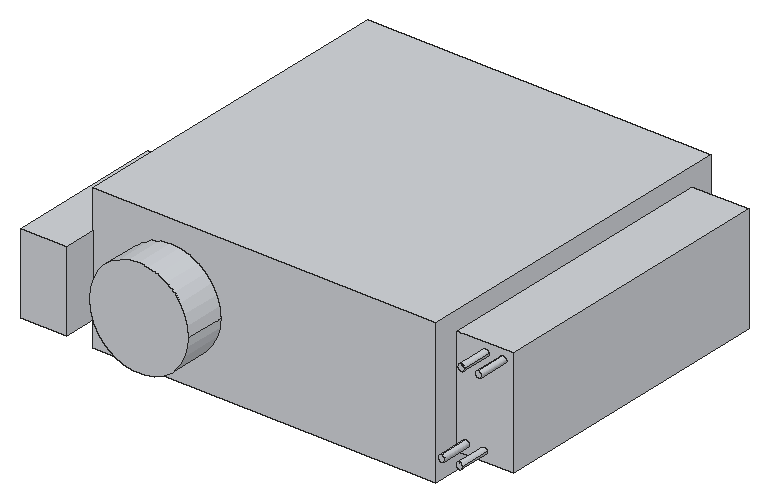
Revit family "ESTS-DOAS", category Mechanical Equipment, Revit 2018 (continued)
Types (364): name | Second Pipe H | Row F | Induction D | Induct Filter D | Induct Center D | Induct Center C | Inlet Left | Inlet Right | Filter RH | Filter LH | Discharge Height "Y" | Discharge Width "X" | Width | URL | Radius | Model | Length | Height | Duct Inlet | Diameter | Description | Connector for 6ROW RS | Connector for 6ROW LS | Connect Length | Connect H
  ESTS/DOAS 3/4-hp - 14R W/6ROW & Filter | 4 1/8" | 8" | 41" | 41 3/4" | 24" | 10" | no | yes | no | yes | 16" | 19" | 48" | "https://www.anemostat-hvac.com" | 6 15/16" | "ESTS/DOAS" | 48" | 20" | 6 31/32" | 13 7/8" | "DOAS SERIES FAN POWERED AIR TERMINAL" | no | yes | 4 1/4" | 1 7/16"
  ESTS/DOAS 3/4-hp - 14L W/4ROW & Filter | 2 1/8" | 6" | 41" | 41 3/4" | 24" | 10" | yes | no | yes | no | 16" | 19" | 48" | "https://www.anemostat-hvac.com" | 6 15/16" | "ESTS/DOAS" | 48" | 20" | 6 31/32" | 13 7/8" | "DOAS SERIES FAN POWERED AIR TERMINAL" | no | no | 4 1/4" | 1 7/16"
  ESTS/DOAS 3/4-hp - 14L W/6ROW & Filter | 4 1/8" | 8" | 41" | 41 3/4" | 24" | 10" | yes | no | yes | no | 16" | 19" | 48" | "https://www.anemostat-hvac.com" | 6 15/16" | "ESTS/DOAS" | 48" | 20" | 6 31/32" | 13 7/8" | "DOAS SERIES FAN POWERED AIR TERMINAL" | yes | no | 4 1/4" | 1 7/16"
  ESTS/DOAS 3/4-hp - 12L W/4ROW & Filter | 2 1/8" | 6" | 41" | 41 3/4" | 24" | 10" | yes | no | yes | no | 16" | 19" | 48" | "https://www.anemostat-hvac.com" | 5 15/16" | "ESTS/DOAS" | 48" | 20" | 5 31/32" | 11 7/8" | "DOAS SERIES FAN POWERED AIR TERMINAL" | no | no | 4 1/4" | 1 7/16"
  ESTS/DOAS 3/4-hp - 12L W/6ROW & Filter | 4 1/8" | 8" | 41" | 41 3/4" | 24" | 10" | yes | no | yes | no | 16" | 19" | 48" | "https://www.anemostat-hvac.com" | 5 15/16" | "ESTS/DOAS" | 48" | 20" | 5 31/32" | 11 7/8" | "DOAS SERIES FAN POWERED AIR TERMINAL" | yes | no | 4 1/4" | 1 7/16"
  ESTS/DOAS 3/4-hp - 12L W/4ROW NO Filter | 2 1/8" | 6" | 41" | 41 3/4" | 24" | 10" | yes | no | no | no | 16" | 19" | 48" | "https://www.anemostat-hvac.com" | 5 15/16" | "ESTS/DOAS" | 48" | 20" | 5 31/32" | 11 7/8" | "DOAS SERIES FAN POWERED AIR TERMINAL" | no | no | 4 1/4" | 1 7/16"
  ESTS/DOAS 3/4-hp - 12L W/6ROW NO Filter | 4 1/8" | 8" | 41" | 41 3/4" | 24" | 10" | yes | no | no | no | 16" | 19" | 48" | "https://www.anemostat-hvac.com" | 5 15/16" | "ESTS/DOAS" | 48" | 20" | 5 31/32" | 11 7/8" | "DOAS SERIES FAN POWERED AIR TERMINAL" | yes | no | 4 1/4" | 1 7/16"
  ESTS/DOAS 3/4-hp - 12R W/2ROW & Filter | 1/8" | 4" | 41" | 41 3/4" | 24" | 10" | no | yes | no | yes | 16" | 19" | 48" | "https://www.anemostat-hvac.com" | 5 15/16" | "ESTS/DOAS" | 48" | 20" | 5 31/32" | 11 7/8" | "DOAS SERIES FAN POWERED AIR TERMINAL" | no | no | 4 1/4" | 1 7/16"
  ESTS/DOAS 3/4-hp - 12R W/4ROW & Filter | 2 1/8" | 6" | 41" | 41 3/4" | 24" | 10" | no | yes | no | yes | 16" | 19" | 48" | "https://www.anemostat-hvac.com" | 5 15/16" | "ESTS/DOAS" | 48" | 20" | 5 31/32" | 11 7/8" | "DOAS SERIES FAN POWERED AIR TERMINAL" | no | no | 4 1/4" | 1 7/16"
  ESTS/DOAS 3/4-hp - 12R W/6ROW & Filter | 4 1/8" | 8" | 41" | 41 3/4" | 24" | 10" | no | yes | no | yes | 16" | 19" | 48" | "https://www.anemostat-hvac.com" | 5 15/16" | "ESTS/DOAS" | 48" | 20" | 5 31/32" | 11 7/8" | "DOAS SERIES FAN POWERED AIR TERMINAL" | no | yes | 4 1/4" | 1 7/16"
  ESTS/DOAS 3/4-hp - 12R W/2ROW NO Filter | 1/8" | 4" | 41" | 41 3/4" | 24" | 10" | no | yes | no | no | 16" | 19" | 48" | "https://www.anemostat-hvac.com" | 5 15/16" | "ESTS/DOAS" | 48" | 20" | 5 31/32" | 11 7/8" | "DOAS SERIES FAN POWERED AIR TERMINAL" | no | no | 4 1/4" | 1 7/16"
  ESTS/DOAS 3/4-hp - 12R W/4ROW NO Filter | 2 1/8" | 6" | 41" | 41 3/4" | 24" | 10" | no | yes | no | no | 16" | 19" | 48" | "https://www.anemostat-hvac.com" | 5 15/16" | "ESTS/DOAS" | 48" | 20" | 5 31/32" | 11 7/8" | "DOAS SERIES FAN POWERED AIR TERMINAL" | no | no | 4 1/4" | 1 7/16"
  ESTS/DOAS 3/4-hp - 12R W/6ROW NO Filter | 4 1/8" | 8" | 41" | 41 3/4" | 24" | 10" | no | yes | no | no | 16" | 19" | 48" | "https://www.anemostat-hvac.com" | 5 15/16" | "ESTS/DOAS" | 48" | 20" | 5 31/32" | 11 7/8" | "DOAS SERIES FAN POWERED AIR TERMINAL" | no | yes | 4 1/4" | 1 7/16"
  ESTS/DOAS 3/4-hp - 10R W/2ROW & Filter | 1/8" | 4" | 41" | 41 3/4" | 24" | 10" | no | yes | no | yes | 16" | 19" | 48" | "https://www.anemostat-hvac.com" | 4 15/16" | "ESTS/DOAS" | 48" | 20" | 4 31/32" | 9 7/8" | "DOAS SERIES FAN POWERED AIR TERMINAL" | no | no | 4 1/4" | 1 7/16"
  ESTS/DOAS 3/4-hp - 10R W/4ROW & Filter | 2 1/8" | 6" | 41" | 41 3/4" | 24" | 10" | no | yes | no | yes | 16" | 19" | 48" | "https://www.anemostat-hvac.com" | 4 15/16" | "ESTS/DOAS" | 48" | 20" | 4 31/32" | 9 7/8" | "DOAS SERIES FAN POWERED AIR TERMINAL" | no | no | 4 1/4" | 1 7/16"
  ESTS/DOAS 3/4-hp - 10R W/6ROW & Filter | 4 1/8" | 8" | 41" | 41 3/4" | 24" | 10" | no | yes | no | yes | 16" | 19" | 48" | "https://www.anemostat-hvac.com" | 4 15/16" | "ESTS/DOAS" | 48" | 20" | 4 31/32" | 9 7/8" | "DOAS SERIES FAN POWERED AIR TERMINAL" | no | yes | 4 1/4" | 1 7/16"
  ESTS/DOAS 3/4-hp - 10R W/2ROW NO Filter | 1/8" | 4" | 41" | 41 3/4" | 24" | 10" | no | yes | no | no | 16" | 19" | 48" | "https://www.anemostat-hvac.com" | 4 15/16" | "ESTS/DOAS" | 48" | 20" | 4 31/32" | 9 7/8" | "DOAS SERIES FAN POWERED AIR TERMINAL" | no | no | 4 1/4" | 1 7/16"
  ESTS/DOAS 3/4-hp - 10R W/4ROW NO Filter | 2 1/8" | 6" | 41" | 41 3/4" | 24" | 10" | no | yes | no | no | 16" | 19" | 48" | "https://www.anemostat-hvac.com" | 4 15/16" | "ESTS/DOAS" | 48" | 20" | 4 31/32" | 9 7/8" | "DOAS SERIES FAN POWERED AIR TERMINAL" | no | no | 4 1/4" | 1 7/16"
  ESTS/DOAS 3/4-hp - 10R W/6ROW NO Filter | 4 1/8" | 8" | 41" | 41 3/4" | 24" | 10" | no | yes | no | no | 16" | 19" | 48" | "https://www.anemostat-hvac.com" | 4 15/16" | "ESTS/DOAS" | 48" | 20" | 4 31/32" | 9 7/8" | "DOAS SERIES FAN POWERED AIR TERMINAL" | no | yes | 4 1/4" | 1 7/16"
  ESTS/DOAS 3/4-hp - 09R W/2ROW & Filter | 1/8" | 4" | 41" | 41 3/4" | 24" | 10" | no | yes | no | yes | 16" | 19" | 48" | "https://www.anemostat-hvac.com" | 4 7/16" | "ESTS/DOAS" | 48" | 20" | 4 15/32" | 8 7/8" | "DOAS SERIES FAN POWERED AIR TERMINAL" | no | no | 4 1/4" | 1 7/16"
  ESTS/DOAS 3/4-hp - 09R W/4ROW & Filter | 2 1/8" | 6" | 41" | 41 3/4" | 24" | 10" | no | yes | no | yes | 16" | 19" | 48" | "https://www.anemostat-hvac.com" | 4 7/16" | "ESTS/DOAS" | 48" | 20" | 4 15/32" | 8 7/8" | "DOAS SERIES FAN POWERED AIR TERMINAL" | no | no | 4 1/4" | 1 7/16"
  ESTS/DOAS 3/4-hp - 09R W/6ROW & Filter | 4 1/8" | 8" | 41" | 41 3/4" | 24" | 10" | no | yes | no | yes | 16" | 19" | 48" | "https://www.anemostat-hvac.com" | 4 7/16" | "ESTS/DOAS" | 48" | 20" | 4 15/32" | 8 7/8" | "DOAS SERIES FAN POWERED AIR TERMINAL" | no | yes | 4 1/4" | 1 7/16"
  ESTS/DOAS 3/4-hp - 09R W/2ROW NO Filter | 1/8" | 4" | 41" | 41 3/4" | 24" | 10" | no | yes | no | no | 16" | 19" | 48" | "https://www.anemostat-hvac.com" | 4 7/16" | "ESTS/DOAS" | 48" | 20" | 4 15/32" | 8 7/8" | "DOAS SERIES FAN POWERED AIR TERMINAL" | no | no | 4 1/4" | 1 7/16"
  ESTS/DOAS 3/4-hp - 09R W/4ROW NO Filter | 2 1/8" | 6" | 41" | 41 3/4" | 24" | 10" | no | yes | no | no | 16" | 19" | 48" | "https://www.anemostat-hvac.com" | 4 7/16" | "ESTS/DOAS" | 48" | 20" | 4 15/32" | 8 7/8" | "DOAS SERIES FAN POWERED AIR TERMINAL" | no | no | 4 1/4" | 1 7/16"
  ESTS/DOAS 3/4-hp - 09R W/6ROW NO Filter | 4 1/8" | 8" | 41" | 41 3/4" | 24" | 10" | no | yes | no | no | 16" | 19" | 48" | "https://www.anemostat-hvac.com" | 4 7/16" | "ESTS/DOAS" | 48" | 20" | 4 15/32" | 8 7/8" | "DOAS SERIES FAN POWERED AIR TERMINAL" | no | yes | 4 1/4" | 1 7/16"
  ESTS/DOAS 3/4-hp - 08R W/2ROW & Filter | 1/8" | 4" | 41" | 41 3/4" | 24" | 10" | no | yes | no | yes | 16" | 19" | 48" | "https://www.anemostat-hvac.com" | 3 15/16" | "ESTS/DOAS" | 48" | 20" | 3 31/32" | 7 7/8" | "DOAS SERIES FAN POWERED AIR TERMINAL" | no | no | 4 1/4" | 1 7/16"
  ESTS/DOAS 3/4-hp - 08R W/4ROW & Filter | 2 1/8" | 6" | 41" | 41 3/4" | 24" | 10" | no | yes | no | yes | 16" | 19" | 48" | "https://www.anemostat-hvac.com" | 3 15/16" | "ESTS/DOAS" | 48" | 20" | 3 31/32" | 7 7/8" | "DOAS SERIES FAN POWERED AIR TERMINAL" | no | no | 4 1/4" | 1 7/16"
  ESTS/DOAS 3/4-hp - 08R W/6ROW & Filter | 4 1/8" | 8" | 41" | 41 3/4" | 24" | 10" | no | yes | no | yes | 16" | 19" | 48" | "https://www.anemostat-hvac.com" | 3 15/16" | "ESTS/DOAS" | 48" | 20" | 3 31/32" | 7 7/8" | "DOAS SERIES FAN POWERED AIR TERMINAL" | no | yes | 4 1/4" | 1 7/16"
  ESTS/DOAS 3/4-hp - 08R W/2ROW NO Filter | 1/8" | 4" | 41" | 41 3/4" | 24" | 10" | no | yes | no | no | 16" | 19" | 48" | "https://www.anemostat-hvac.com" | 3 15/16" | "ESTS/DOAS" | 48" | 20" | 3 31/32" | 7 7/8" | "DOAS SERIES FAN POWERED AIR TERMINAL" | no | no | 4 1/4" | 1 7/16"
  ESTS/DOAS 3/4-hp - 08R W/4ROW NO Filter | 2 1/8" | 6" | 41" | 41 3/4" | 24" | 10" | no | yes | no | no | 16" | 19" | 48" | "https://www.anemostat-hvac.com" | 3 15/16" | "ESTS/DOAS" | 48" | 20" | 3 31/32" | 7 7/8" | "DOAS SERIES FAN POWERED AIR TERMINAL" | no | no | 4 1/4" | 1 7/16"
  ESTS/DOAS 3/4-hp - 08R W/6ROW NO Filter | 4 1/8" | 8" | 41" | 41 3/4" | 24" | 10" | no | yes | no | no | 16" | 19" | 48" | "https://www.anemostat-hvac.com" | 3 15/16" | "ESTS/DOAS" | 48" | 20" | 3 31/32" | 7 7/8" | "DOAS SERIES FAN POWERED AIR TERMINAL" | no | yes | 4 1/4" | 1 7/16"
  ESTS/DOAS 3/4-hp - 10L W/4ROW & Filter | 2 1/8" | 6" | 41" | 41 3/4" | 24" | 10" | yes | no | yes | no | 16" | 19" | 48" | "https://www.anemostat-hvac.com" | 4 15/16" | "ESTS/DOAS" | 48" | 20" | 4 31/32" | 9 7/8" | "DOAS SERIES FAN POWERED AIR TERMINAL" | no | no | 4 1/4" | 1 7/16"
  ESTS/DOAS 3/4-hp - 10L W/6ROW & Filter | 4 1/8" | 8" | 41" | 41 3/4" | 24" | 10" | yes | no | yes | no | 16" | 19" | 48" | "https://www.anemostat-hvac.com" | 4 15/16" | "ESTS/DOAS" | 48" | 20" | 4 31/32" | 9 7/8" | "DOAS SERIES FAN POWERED AIR TERMINAL" | yes | no | 4 1/4" | 1 7/16"
  ESTS/DOAS 3/4-hp - 10L W/4ROW NO Filter | 2 1/8" | 6" | 41" | 41 3/4" | 24" | 10" | yes | no | no | no | 16" | 19" | 48" | "https://www.anemostat-hvac.com" | 4 15/16" | "ESTS/DOAS" | 48" | 20" | 4 31/32" | 9 7/8" | "DOAS SERIES FAN POWERED AIR TERMINAL" | no | no | 4 1/4" | 1 7/16"
  ESTS/DOAS 3/4-hp - 10L W/6ROW NO Filter | 4 1/8" | 8" | 41" | 41 3/4" | 24" | 10" | yes | no | no | no | 16" | 19" | 48" | "https://www.anemostat-hvac.com" | 4 15/16" | "ESTS/DOAS" | 48" | 20" | 4 31/32" | 9 7/8" | "DOAS SERIES FAN POWERED AIR TERMINAL" | yes | no | 4 1/4" | 1 7/16"
  ESTS/DOAS 3/4-hp - 09L W/4ROW & Filter | 2 1/8" | 6" | 41" | 41 3/4" | 24" | 10" | yes | no | yes | no | 16" | 19" | 48" | "https://www.anemostat-hvac.com" | 4 7/16" | "ESTS/DOAS" | 48" | 20" | 4 15/32" | 8 7/8" | "DOAS SERIES FAN POWERED AIR TERMINAL" | no | no | 4 1/4" | 1 7/16"
  ESTS/DOAS 3/4-hp - 09L W/6ROW & Filter | 4 1/8" | 8" | 41" | 41 3/4" | 24" | 10" | yes | no | yes | no | 16" | 19" | 48" | "https://www.anemostat-hvac.com" | 4 7/16" | "ESTS/DOAS" | 48" | 20" | 4 15/32" | 8 7/8" | "DOAS SERIES FAN POWERED AIR TERMINAL" | yes | no | 4 1/4" | 1 7/16"
  ESTS/DOAS 3/4-hp - 09L W/4ROW NO Filter | 2 1/8" | 6" | 41" | 41 3/4" | 24" | 10" | yes | no | no | no | 16" | 19" | 48" | "https://www.anemostat-hvac.com" | 4 7/16" | "ESTS/DOAS" | 48" | 20" | 4 15/32" | 8 7/8" | "DOAS SERIES FAN POWERED AIR TERMINAL" | no | no | 4 1/4" | 1 7/16"
  ESTS/DOAS 3/4-hp - 09L W/6ROW NO Filter | 4 1/8" | 8" | 41" | 41 3/4" | 24" | 10" | yes | no | no | no | 16" | 19" | 48" | "https://www.anemostat-hvac.com" | 4 7/16" | "ESTS/DOAS" | 48" | 20" | 4 15/32" | 8 7/8" | "DOAS SERIES FAN POWERED AIR TERMINAL" | yes | no | 4 1/4" | 1 7/16"
  ESTS/DOAS 3/4-hp - 08L W/4ROW & Filter | 2 1/8" | 6" | 41" | 41 3/4" | 24" | 10" | yes | no | yes | no | 16" | 19" | 48" | "https://www.anemostat-hvac.com" | 3 15/16" | "ESTS/DOAS" | 48" | 20" | 3 31/32" | 7 7/8" | "DOAS SERIES FAN POWERED AIR TERMINAL" | no | no | 4 1/4" | 1 7/16"
  ESTS/DOAS 3/4-hp - 08L W/6ROW & Filter | 4 1/8" | 8" | 41" | 41 3/4" | 24" | 10" | yes | no | yes | no | 16" | 19" | 48" | "https://www.anemostat-hvac.com" | 3 15/16" | "ESTS/DOAS" | 48" | 20" | 3 31/32" | 7 7/8" | "DOAS SERIES FAN POWERED AIR TERMINAL" | yes | no | 4 1/4" | 1 7/16"
  ESTS/DOAS 3/4-hp - 08L W/4ROW NO Filter | 2 1/8" | 6" | 41" | 41 3/4" | 24" | 10" | yes | no | no | no | 16" | 19" | 48" | "https://www.anemostat-hvac.com" | 3 15/16" | "ESTS/DOAS" | 48" | 20" | 3 31/32" | 7 7/8" | "DOAS SERIES FAN POWERED AIR TERMINAL" | no | no | 4 1/4" | 1 7/16"
  ESTS/DOAS 3/4-hp - 08L W/6ROW NO Filter | 4 1/8" | 8" | 41" | 41 3/4" | 24" | 10" | yes | no | no | no | 16" | 19" | 48" | "https://www.anemostat-hvac.com" | 3 15/16" | "ESTS/DOAS" | 48" | 20" | 3 31/32" | 7 7/8" | "DOAS SERIES FAN POWERED AIR TERMINAL" | yes | no | 4 1/4" | 1 7/16"
  ESTS/DOAS 3/4-hp - 07L W/4ROW NO Filter | 2 1/8" | 6" | 41" | 41 3/4" | 24" | 10" | yes | no | no | no | 16" | 19" | 48" | "https://www.anemostat-hvac.com" | 3 7/16" | "ESTS/DOAS" | 48" | 20" | 3 15/32" | 6 7/8" | "DOAS SERIES FAN POWERED AIR TERMINAL" | no | no | 4 1/4" | 1 7/16"
  ESTS/DOAS 3/4-hp - 07L W/6ROW NO Filter | 4 1/8" | 8" | 41" | 41 3/4" | 24" | 10" | yes | no | no | no | 16" | 19" | 48" | "https://www.anemostat-hvac.com" | 3 7/16" | "ESTS/DOAS" | 48" | 20" | 3 15/32" | 6 7/8" | "DOAS SERIES FAN POWERED AIR TERMINAL" | yes | no | 4 1/4" | 1 7/16"
  ESTS/DOAS 3/4-hp - 07L W/4ROW & Filter | 2 1/8" | 6" | 41" | 41 3/4" | 24" | 10" | yes | no | yes | no | 16" | 19" | 48" | "https://www.anemostat-hvac.com" | 3 7/16" | "ESTS/DOAS" | 48" | 20" | 3 15/32" | 6 7/8" | "DOAS SERIES FAN POWERED AIR TERMINAL" | no | no | 4 1/4" | 1 7/16"
  ESTS/DOAS 3/4-hp - 07L W/6ROW & Filter | 4 1/8" | 8" | 41" | 41 3/4" | 24" | 10" | yes | no | yes | no | 16" | 19" | 48" | "https://www.anemostat-hvac.com" | 3 7/16" | "ESTS/DOAS" | 48" | 20" | 3 15/32" | 6 7/8" | "DOAS SERIES FAN POWERED AIR TERMINAL" | yes | no | 4 1/4" | 1 7/16"
  ESTS/DOAS 3/4-hp - 06L W/4ROW NO Filter | 2 1/8" | 6" | 41" | 41 3/4" | 24" | 10" | yes | no | no | no | 16" | 19" | 48" | "https://www.anemostat-hvac.com" | 2 15/16" | "ESTS/DOAS" | 48" | 20" | 2 31/32" | 5 7/8" | "DOAS SERIES FAN POWERED AIR TERMINAL" | no | no | 4 1/4" | 1 7/16"
  ESTS/DOAS 3/4-hp - 06L W/6ROW NO Filter | 4 1/8" | 8" | 41" | 41 3/4" | 24" | 10" | yes | no | no | no | 16" | 19" | 48" | "https://www.anemostat-hvac.com" | 2 15/16" | "ESTS/DOAS" | 48" | 20" | 2 31/32" | 5 7/8" | "DOAS SERIES FAN POWERED AIR TERMINAL" | yes | no | 4 1/4" | 1 7/16"
  ESTS/DOAS 3/4-hp - 06L W/4ROW & Filter | 2 1/8" | 6" | 41" | 41 3/4" | 24" | 10" | yes | no | yes | no | 16" | 19" | 48" | "https://www.anemostat-hvac.com" | 2 15/16" | "ESTS/DOAS" | 48" | 20" | 2 31/32" | 5 7/8" | "DOAS SERIES FAN POWERED AIR TERMINAL" | no | no | 4 1/4" | 1 7/16"
  ESTS/DOAS 3/4-hp - 06L W/6ROW & Filter | 4 1/8" | 8" | 41" | 41 3/4" | 24" | 10" | yes | no | yes | no | 16" | 19" | 48" | "https://www.anemostat-hvac.com" | 2 15/16" | "ESTS/DOAS" | 48" | 20" | 2 31/32" | 5 7/8" | "DOAS SERIES FAN POWERED AIR TERMINAL" | yes | no | 4 1/4" | 1 7/16"
  ESTS/DOAS 3/4-hp - 07R W/2ROW NO Filter | 1/8" | 4" | 41" | 41 3/4" | 24" | 10" | no | yes | no | no | 16" | 19" | 48" | "https://www.anemostat-hvac.com" | 3 7/16" | "ESTS/DOAS" | 48" | 20" | 3 15/32" | 6 7/8" | "DOAS SERIES FAN POWERED AIR TERMINAL" | no | no | 4 1/4" | 1 7/16"
  ESTS/DOAS 3/4-hp - 07R W/4ROW NO Filter | 2 1/8" | 6" | 41" | 41 3/4" | 24" | 10" | no | yes | no | no | 16" | 19" | 48" | "https://www.anemostat-hvac.com" | 3 7/16" | "ESTS/DOAS" | 48" | 20" | 3 15/32" | 6 7/8" | "DOAS SERIES FAN POWERED AIR TERMINAL" | no | no | 4 1/4" | 1 7/16"
  ESTS/DOAS 3/4-hp - 07R W/6ROW NO Filter | 4 1/8" | 8" | 41" | 41 3/4" | 24" | 10" | no | yes | no | no | 16" | 19" | 48" | "https://www.anemostat-hvac.com" | 3 7/16" | "ESTS/DOAS" | 48" | 20" | 3 15/32" | 6 7/8" | "DOAS SERIES FAN POWERED AIR TERMINAL" | no | yes | 4 1/4" | 1 7/16"
  ESTS/DOAS 3/4-hp - 07R W/2ROW & Filter | 1/8" | 4" | 41" | 41 3/4" | 24" | 10" | no | yes | no | yes | 16" | 19" | 48" | "https://www.anemostat-hvac.com" | 3 7/16" | "ESTS/DOAS" | 48" | 20" | 3 15/32" | 6 7/8" | "DOAS SERIES FAN POWERED AIR TERMINAL" | no | no | 4 1/4" | 1 7/16"
  ESTS/DOAS 3/4-hp - 07R W/4ROW & Filter | 2 1/8" | 6" | 41" | 41 3/4" | 24" | 10" | no | yes | no | yes | 16" | 19" | 48" | "https://www.anemostat-hvac.com" | 3 7/16" | "ESTS/DOAS" | 48" | 20" | 3 15/32" | 6 7/8" | "DOAS SERIES FAN POWERED AIR TERMINAL" | no | no | 4 1/4" | 1 7/16"
  ESTS/DOAS 3/4-hp - 07R W/6ROW & Filter | 4 1/8" | 8" | 41" | 41 3/4" | 24" | 10" | no | yes | no | yes | 16" | 19" | 48" | "https://www.anemostat-hvac.com" | 3 7/16" | "ESTS/DOAS" | 48" | 20" | 3 15/32" | 6 7/8" | "DOAS SERIES FAN POWERED AIR TERMINAL" | no | no | 4 1/4" | 1 7/16"
  ESTS/DOAS 3/4-hp - 06R W/6ROW NO Filter | 4 1/8" | 8" | 41" | 41 3/4" | 24" | 10" | no | yes | no | no | 16" | 19" | 48" | "https://www.anemostat-hvac.com" | 2 15/16" | "ESTS/DOAS" | 48" | 20" | 2 31/32" | 5 7/8" | "DOAS SERIES FAN POWERED AIR TERMINAL" | no | yes | 4 1/4" | 1 7/16"
  ESTS/DOAS 3/4-hp - 06R W/4ROW NO Filter | 2 1/8" | 6" | 41" | 41 3/4" | 24" | 10" | no | yes | no | no | 16" | 19" | 48" | "https://www.anemostat-hvac.com" | 2 15/16" | "ESTS/DOAS" | 48" | 20" | 2 31/32" | 5 7/8" | "DOAS SERIES FAN POWERED AIR TERMINAL" | no | no | 4 1/4" | 1 7/16"
  ESTS/DOAS 3/4-hp - 06R W/2ROW NO Filter | 1/8" | 4" | 41" | 41 3/4" | 24" | 10" | no | yes | no | no | 16" | 19" | 48" | "https://www.anemostat-hvac.com" | 2 15/16" | "ESTS/DOAS" | 48" | 20" | 2 31/32" | 5 7/8" | "DOAS SERIES FAN POWERED AIR TERMINAL" | no | no | 4 1/4" | 1 7/16"
  ESTS/DOAS 3/4-hp - 06R W/2ROW & Filter | 1/8" | 4" | 41" | 41 3/4" | 24" | 10" | no | yes | no | yes | 16" | 19" | 48" | "https://www.anemostat-hvac.com" | 2 15/16" | "ESTS/DOAS" | 48" | 20" | 2 31/32" | 5 7/8" | "DOAS SERIES FAN POWERED AIR TERMINAL" | no | no | 4 1/4" | 1 7/16"
  ESTS/DOAS 3/4-hp - 06R W/4ROW & Filter | 2 1/8" | 6" | 41" | 41 3/4" | 24" | 10" | no | yes | no | yes | 16" | 19" | 48" | "https://www.anemostat-hvac.com" | 2 15/16" | "ESTS/DOAS" | 48" | 20" | 2 31/32" | 5 7/8" | "DOAS SERIES FAN POWERED AIR TERMINAL" | no | no | 4 1/4" | 1 7/16"
  ESTS/DOAS 3/4-hp - 06R W/6ROW & Filter | 4 1/8" | 8" | 41" | 41 3/4" | 24" | 10" | no | yes | no | yes | 16" | 19" | 48" | "https://www.anemostat-hvac.com" | 2 15/16" | "ESTS/DOAS" | 48" | 20" | 2 31/32" | 5 7/8" | "DOAS SERIES FAN POWERED AIR TERMINAL" | no | yes | 4 1/4" | 1 7/16"
  ESTS/DOAS 3/4-hp - 05L W/4ROW NO Filter | 2 1/8" | 6" | 41" | 41 3/4" | 24" | 10" | yes | no | no | no | 16" | 19" | 48" | "https://www.anemostat-hvac.com" | 2 7/16" | "ESTS/DOAS" | 48" | 20" | 2 15/32" | 4 7/8" | "DOAS SERIES FAN POWERED AIR TERMINAL" | no | no | 4 1/4" | 1 7/16"
  ESTS/DOAS 3/4-hp - 05L W/6ROW NO Filter | 4 1/8" | 8" | 41" | 41 3/4" | 24" | 10" | yes | no | no | no | 16" | 19" | 48" | "https://www.anemostat-hvac.com" | 2 7/16" | "ESTS/DOAS" | 48" | 20" | 2 15/32" | 4 7/8" | "DOAS SERIES FAN POWERED AIR TERMINAL" | yes | no | 4 1/4" | 1 7/16"
  ESTS/DOAS 3/4-hp - 05R W/2ROW & Filter | 1/8" | 4" | 41" | 41 3/4" | 24" | 10" | no | yes | no | yes | 16" | 19" | 48" | "https://www.anemostat-hvac.com" | 2 7/16" | "ESTS/DOAS" | 48" | 20" | 2 15/32" | 4 7/8" | "DOAS SERIES FAN POWERED AIR TERMINAL" | no | no | 4 1/4" | 1 7/16"
  ESTS/DOAS 3/4-hp - 05R W/4ROW & Filter | 2 1/8" | 6" | 41" | 41 3/4" | 24" | 10" | no | yes | no | yes | 16" | 19" | 48" | "https://www.anemostat-hvac.com" | 2 7/16" | "ESTS/DOAS" | 48" | 20" | 2 15/32" | 4 7/8" | "DOAS SERIES FAN POWERED AIR TERMINAL" | no | no | 4 1/4" | 1 7/16"
  ESTS/DOAS 3/4-hp - 05R W/6ROW & Filter | 4 1/8" | 8" | 41" | 41 3/4" | 24" | 10" | no | yes | no | yes | 16" | 19" | 48" | "https://www.anemostat-hvac.com" | 2 7/16" | "ESTS/DOAS" | 48" | 20" | 2 15/32" | 4 7/8" | "DOAS SERIES FAN POWERED AIR TERMINAL" | no | yes | 4 1/4" | 1 7/16"
  ESTS/DOAS 3/4-hp - 05R W/2ROW NO Filter | 1/8" | 4" | 41" | 41 3/4" | 24" | 10" | no | yes | no | no | 16" | 19" | 48" | "https://www.anemostat-hvac.com" | 2 7/16" | "ESTS/DOAS" | 48" | 20" | 2 15/32" | 4 7/8" | "DOAS SERIES FAN POWERED AIR TERMINAL" | no | no | 4 1/4" | 1 7/16"
  ESTS/DOAS 3/4-hp - 05R W/4ROW NO Filter | 2 1/8" | 6" | 41" | 41 3/4" | 24" | 10" | no | yes | no | no | 16" | 19" | 48" | "https://www.anemostat-hvac.com" | 2 7/16" | "ESTS/DOAS" | 48" | 20" | 2 15/32" | 4 7/8" | "DOAS SERIES FAN POWERED AIR TERMINAL" | no | no | 4 1/4" | 1 7/16"
  ESTS/DOAS 3/4-hp - 05R W/6ROW NO Filter | 4 1/8" | 8" | 41" | 41 3/4" | 24" | 10" | no | yes | no | no | 16" | 19" | 48" | "https://www.anemostat-hvac.com" | 2 7/16" | "ESTS/DOAS" | 48" | 20" | 2 15/32" | 4 7/8" | "DOAS SERIES FAN POWERED AIR TERMINAL" | no | yes | 4 1/4" | 1 7/16"
  ESTS/DOAS 3/4-hp - 05L W/4ROW & Filter | 2 1/8" | 6" | 41" | 41 3/4" | 24" | 10" | yes | no | yes | no | 16" | 19" | 48" | "https://www.anemostat-hvac.com" | 2 7/16" | "ESTS/DOAS" | 48" | 20" | 2 15/32" | 4 7/8" | "DOAS SERIES FAN POWERED AIR TERMINAL" | no | no | 4 1/4" | 1 7/16"
  ESTS/DOAS 3/4-hp - 05L W/6ROW & Filter | 4 1/8" | 8" | 41" | 41 3/4" | 24" | 10" | yes | no | yes | no | 16" | 19" | 48" | "https://www.anemostat-hvac.com" | 2 7/16" | "ESTS/DOAS" | 48" | 20" | 2 15/32" | 4 7/8" | "DOAS SERIES FAN POWERED AIR TERMINAL" | yes | no | 4 1/4" | 1 7/16"
  ESTS/DOAS 1-hp - 16R W/4ROW NO Filter | 2 1/8" | 6" | 41" | 41 3/4" | 24" | 10" | no | yes | no | no | 16" | 19" | 48" | "http://www.anemostat.com" | 7 15/16" | "ESTS" | 48" | 20" | 7 31/32" | 15 7/8" | "Series Fan Powered Air Terminal with ECM Motor" | no | no | 4 1/4" | 1 5/16"
  ESTS/DOAS 1-hp - 16R W/6ROW NO Filter | 4 1/8" | 8" | 41" | 41 3/4" | 24" | 10" | no | yes | no | no | 16" | 19" | 48" | "http://www.anemostat.com" | 7 15/16" | "ESTS" | 48" | 20" | 7 31/32" | 15 7/8" | "Series Fan Powered Air Terminal with ECM Motor" | no | yes | 4 1/4" | 1 5/16"
  ESTS/DOAS 1-hp - 16R W/4ROW & Filter | 2 1/8" | 6" | 41" | 41 3/4" | 24" | 10" | no | yes | no | yes | 16" | 19" | 48" | "http://www.anemostat.com" | 7 15/16" | "ESTS" | 48" | 20" | 7 31/32" | 15 7/8" | "Series Fan Powered Air Terminal with ECM Motor" | no | no | 4 1/4" | 1 5/16"
  ESTS/DOAS 1-hp - 16R W/6ROW & Filter | 4 1/8" | 8" | 41" | 41 3/4" | 24" | 10" | no | yes | no | yes | 16" | 19" | 48" | "http://www.anemostat.com" | 7 15/16" | "ESTS" | 48" | 20" | 7 31/32" | 15 7/8" | "Series Fan Powered Air Terminal with ECM Motor" | no | yes | 4 1/4" | 1 5/16"
  ESTS/DOAS 1-hp - 16L W/2ROW NO Filter | 1/8" | 4" | 41" | 41 3/4" | 24" | 10" | yes | no | no | no | 16" | 19" | 48" | "https://www.anemostat-hvac.com" | 7 15/16" | "ESTS/DOAS" | 48" | 20" | 7 31/32" | 15 7/8" | "DOAS SERIES FAN POWERED AIR TERMINAL" | no | no | 4 1/2" | 1 7/16"
  ESTS/DOAS 1-hp - 16L W/4ROW NO Filter | 2 1/8" | 6" | 41" | 41 3/4" | 24" | 10" | yes | no | no | no | 16" | 19" | 48" | "https://www.anemostat-hvac.com" | 7 15/16" | "ESTS/DOAS" | 48" | 20" | 7 31/32" | 15 7/8" | "DOAS SERIES FAN POWERED AIR TERMINAL" | yes | no | 4 1/2" | 1 7/16"
  ESTS/DOAS 1-hp - 16L W/6ROW NO Filter | 4 1/8" | 8" | 41" | 41 3/4" | 24" | 10" | yes | no | no | no | 16" | 19" | 48" | "https://www.anemostat-hvac.com" | 7 15/16" | "ESTS/DOAS" | 48" | 20" | 7 31/32" | 15 7/8" | "DOAS SERIES FAN POWERED AIR TERMINAL" | yes | no | 4 1/2" | 1 7/16"
  ESTS/DOAS 1-hp - 16L W/4ROW & Filter | 2 1/8" | 6" | 41" | 41 3/4" | 24" | 10" | yes | no | yes | no | 16" | 19" | 48" | "https://www.anemostat-hvac.com" | 7 15/16" | "ESTS/DOAS" | 48" | 20" | 7 31/32" | 15 7/8" | "DOAS SERIES FAN POWERED AIR TERMINAL" | no | no | 4 1/2" | 1 7/16"
  ESTS/DOAS 1-hp - 16L W/6ROW & Filter | 4 1/8" | 8" | 41" | 41 3/4" | 24" | 10" | yes | no | yes | no | 16" | 19" | 48" | "https://www.anemostat-hvac.com" | 7 15/16" | "ESTS/DOAS" | 48" | 20" | 7 31/32" | 15 7/8" | "DOAS SERIES FAN POWERED AIR TERMINAL" | yes | no | 4 1/2" | 1 7/16"
  ESTS/DOAS 1-hp - 14L W/4ROW & Filter | 2 1/8" | 6" | 41" | 41 3/4" | 24" | 10" | yes | no | yes | no | 16" | 19" | 48" | "https://www.anemostat-hvac.com" | 6 15/16" | "ESTS/DOAS" | 48" | 20" | 6 31/32" | 13 7/8" | "DOAS SERIES FAN POWERED AIR TERMINAL" | no | no | 4 1/2" | 1 7/16"
  ESTS/DOAS 1-hp - 14L W/6ROW & Filter | 4 1/8" | 8" | 41" | 41 3/4" | 24" | 10" | yes | no | yes | no | 16" | 19" | 48" | "https://www.anemostat-hvac.com" | 6 15/16" | "ESTS/DOAS" | 48" | 20" | 6 31/32" | 13 7/8" | "DOAS SERIES FAN POWERED AIR TERMINAL" | yes | no | 4 1/2" | 1 7/16"
  ESTS/DOAS 1-hp - 14R W/4ROW NO Filter | 2 1/8" | 6" | 41" | 41 3/4" | 24" | 10" | no | yes | no | no | 16" | 19" | 48" | "http://www.anemostat.com" | 6 15/16" | "ESTS" | 48" | 20" | 6 31/32" | 13 7/8" | "Series Fan Powered Air Terminal with ECM Motor" | no | no | 4 1/4" | 1 5/16"
  ESTS/DOAS 1-hp - 14R W/6ROW NO Filter | 4 1/8" | 8" | 41" | 41 3/4" | 24" | 10" | no | yes | no | no | 16" | 19" | 48" | "http://www.anemostat.com" | 6 15/16" | "ESTS" | 48" | 20" | 6 31/32" | 13 7/8" | "Series Fan Powered Air Terminal with ECM Motor" | no | yes | 4 1/4" | 1 5/16"
  ESTS/DOAS 1-hp - 14L W/4ROW NO Filter | 2 1/8" | 6" | 41" | 41 3/4" | 24" | 10" | yes | no | no | no | 16" | 19" | 48" | "https://www.anemostat-hvac.com" | 6 15/16" | "ESTS/DOAS" | 48" | 20" | 6 31/32" | 13 7/8" | "DOAS SERIES FAN POWERED AIR TERMINAL" | no | yes | 4 1/4" | 1 7/16"
  ESTS/DOAS 1-hp - 14L W/6ROW NO Filter | 4 1/8" | 8" | 41" | 41 3/4" | 24" | 10" | yes | no | no | no | 16" | 19" | 48" | "https://www.anemostat-hvac.com" | 6 15/16" | "ESTS/DOAS" | 48" | 20" | 6 31/32" | 13 7/8" | "DOAS SERIES FAN POWERED AIR TERMINAL" | yes | no | 4 1/4" | 1 7/16"
  ESTS/DOAS 1-hp - 14R W/4ROW & Filter | 2 1/8" | 6" | 41" | 41 3/4" | 24" | 10" | no | yes | no | yes | 16" | 19" | 48" | "http://www.anemostat.com" | 6 15/16" | "ESTS" | 48" | 20" | 6 31/32" | 13 7/8" | "Series Fan Powered Air Terminal with ECM Motor" | no | no | 4 1/4" | 1 5/16"
  ESTS/DOAS 1-hp - 14R W/6ROW & Filter | 4 1/8" | 8" | 41" | 41 3/4" | 24" | 10" | no | yes | no | yes | 16" | 19" | 48" | "http://www.anemostat.com" | 6 15/16" | "ESTS" | 48" | 20" | 6 31/32" | 13 7/8" | "Series Fan Powered Air Terminal with ECM Motor" | no | no | 4 1/4" | 1 5/16"
  ESTS/DOAS 1-hp - 10L W/2ROW & Filter | 1/8" | 4" | 41" | 41 3/4" | 24" | 10" | yes | no | yes | no | 16" | 19" | 48" | "https://www.anemostat-hvac.com" | 4 15/16" | "ESTS/DOAS" | 48" | 20" | 4 31/32" | 9 7/8" | "DOAS SERIES FAN POWERED AIR TERMINAL" | no | no | 4 1/2" | 1 7/16"
  ESTS/DOAS 1-hp - 10L W/4ROW & Filter | 2 1/8" | 6" | 41" | 41 3/4" | 24" | 10" | yes | no | yes | no | 16" | 19" | 48" | "https://www.anemostat-hvac.com" | 4 15/16" | "ESTS/DOAS" | 48" | 20" | 4 31/32" | 9 7/8" | "DOAS SERIES FAN POWERED AIR TERMINAL" | no | no | 4 1/2" | 1 7/16"
  ESTS/DOAS 1-hp - 10L W/6ROW & Filter | 4 1/8" | 8" | 41" | 41 3/4" | 24" | 10" | yes | no | yes | no | 16" | 19" | 48" | "https://www.anemostat-hvac.com" | 4 15/16" | "ESTS/DOAS" | 48" | 20" | 4 31/32" | 9 7/8" | "DOAS SERIES FAN POWERED AIR TERMINAL" | yes | no | 4 1/2" | 1 7/16"
  ESTS/DOAS 1-hp - 10L W/2ROW NO Filter | 1/8" | 4" | 41" | 41 3/4" | 24" | 10" | yes | no | no | no | 16" | 19" | 48" | "https://www.anemostat-hvac.com" | 4 15/16" | "ESTS/DOAS" | 48" | 20" | 4 31/32" | 9 7/8" | "DOAS SERIES FAN POWERED AIR TERMINAL" | no | no | 4 1/2" | 1 7/16"
  ESTS/DOAS 1-hp - 10L W/4ROW NO Filter | 2 1/8" | 6" | 41" | 41 3/4" | 24" | 10" | yes | no | no | no | 16" | 19" | 48" | "https://www.anemostat-hvac.com" | 4 15/16" | "ESTS/DOAS" | 48" | 20" | 4 31/32" | 9 7/8" | "DOAS SERIES FAN POWERED AIR TERMINAL" | no | no | 4 1/2" | 1 7/16"
  ESTS/DOAS 1-hp - 10L W/6ROW NO Filter | 4 1/8" | 8" | 41" | 41 3/4" | 24" | 10" | yes | no | no | no | 16" | 19" | 48" | "https://www.anemostat-hvac.com" | 4 15/16" | "ESTS/DOAS" | 48" | 20" | 4 31/32" | 9 7/8" | "DOAS SERIES FAN POWERED AIR TERMINAL" | yes | no | 4 1/2" | 1 7/16"
  ESTS/DOAS 1-hp - 10R W/4ROW & Filter | 2 1/8" | 6" | 41" | 41 3/4" | 24" | 10" | no | yes | no | yes | 16" | 19" | 48" | "http://www.anemostat.com" | 4 15/16" | "ESTS" | 48" | 20" | 4 31/32" | 9 7/8" | "Series Fan Powered Air Terminal with ECM Motor" | no | no | 4 1/4" | 1 5/16"
  ESTS/DOAS 1-hp - 10R W/6ROW & Filter | 4 1/8" | 8" | 41" | 41 3/4" | 24" | 10" | no | yes | no | yes | 16" | 19" | 48" | "http://www.anemostat.com" | 4 15/16" | "ESTS" | 48" | 20" | 4 31/32" | 9 7/8" | "Series Fan Powered Air Terminal with ECM Motor" | no | yes | 4 1/4" | 1 5/16"
  ESTS/DOAS 1-hp - 10R W/4ROW NO Filter | 2 1/8" | 6" | 41" | 41 3/4" | 24" | 10" | no | yes | no | no | 16" | 19" | 48" | "http://www.anemostat.com" | 4 15/16" | "ESTS" | 48" | 20" | 4 31/32" | 9 7/8" | "Series Fan Powered Air Terminal with ECM Motor" | no | no | 4 1/4" | 1 5/16"
  ESTS/DOAS 1-hp - 10R W/6ROW NO Filter | 4 1/8" | 8" | 41" | 41 3/4" | 24" | 10" | no | yes | no | no | 16" | 19" | 48" | "http://www.anemostat.com" | 4 15/16" | "ESTS" | 48" | 20" | 4 31/32" | 9 7/8" | "Series Fan Powered Air Terminal with ECM Motor" | no | yes | 4 1/4" | 1 5/16"
  ESTS/DOAS 1-hp - 09L W/2ROW & Filter | 1/8" | 4" | 41" | 41 3/4" | 24" | 10" | yes | no | yes | no | 16" | 19" | 48" | "https://www.anemostat-hvac.com" | 4 7/16" | "ESTS/DOAS" | 48" | 20" | 4 15/32" | 8 7/8" | "DOAS SERIES FAN POWERED AIR TERMINAL" | no | no | 4 1/2" | 1 7/16"
  ESTS/DOAS 1-hp - 09L W/4ROW & Filter | 2 1/8" | 6" | 41" | 41 3/4" | 24" | 10" | yes | no | yes | no | 16" | 19" | 48" | "https://www.anemostat-hvac.com" | 4 7/16" | "ESTS/DOAS" | 48" | 20" | 4 15/32" | 8 7/8" | "DOAS SERIES FAN POWERED AIR TERMINAL" | no | no | 4 1/2" | 1 7/16"
  ESTS/DOAS 1-hp - 09L W/6ROW & Filter | 4 1/8" | 8" | 41" | 41 3/4" | 24" | 10" | yes | no | yes | no | 16" | 19" | 48" | "https://www.anemostat-hvac.com" | 4 7/16" | "ESTS/DOAS" | 48" | 20" | 4 15/32" | 8 7/8" | "DOAS SERIES FAN POWERED AIR TERMINAL" | yes | no | 4 1/2" | 1 7/16"
  ESTS/DOAS 1-hp - 09R W/4ROW NO Filter | 2 1/8" | 6" | 41" | 41 3/4" | 24" | 10" | no | yes | no | no | 16" | 19" | 48" | "http://www.anemostat.com" | 4 7/16" | "ESTS" | 48" | 20" | 4 15/32" | 8 7/8" | "Series Fan Powered Air Terminal with ECM Motor" | no | no | 4 1/4" | 1 5/16"
  ESTS/DOAS 1-hp - 09R W/6ROW NO Filter | 4 1/8" | 8" | 41" | 41 3/4" | 24" | 10" | no | yes | no | no | 16" | 19" | 48" | "http://www.anemostat.com" | 4 7/16" | "ESTS" | 48" | 20" | 4 15/32" | 8 7/8" | "Series Fan Powered Air Terminal with ECM Motor" | no | yes | 4 1/4" | 1 5/16"
  ESTS/DOAS 1-hp - 09R W/4ROW & Filter | 2 1/8" | 6" | 41" | 41 3/4" | 24" | 10" | no | yes | no | yes | 16" | 19" | 48" | "http://www.anemostat.com" | 4 7/16" | "ESTS" | 48" | 20" | 4 15/32" | 8 7/8" | "Series Fan Powered Air Terminal with ECM Motor" | no | no | 4 1/4" | 1 5/16"
  ESTS/DOAS 1-hp - 09R W/6ROW & Filter | 4 1/8" | 8" | 41" | 41 3/4" | 24" | 10" | no | yes | no | yes | 16" | 19" | 48" | "http://www.anemostat.com" | 4 7/16" | "ESTS" | 48" | 20" | 4 15/32" | 8 7/8" | "Series Fan Powered Air Terminal with ECM Motor" | no | yes | 4 1/4" | 1 5/16"
  ESTS/DOAS 1-hp - 09L W/2ROW NO Filter | 1/8" | 4" | 41" | 41 3/4" | 24" | 10" | yes | no | no | no | 16" | 19" | 48" | "https://www.anemostat-hvac.com" | 4 7/16" | "ESTS/DOAS" | 48" | 20" | 4 15/32" | 8 7/8" | "DOAS SERIES FAN POWERED AIR TERMINAL" | no | no | 4 1/2" | 1 7/16"
  ESTS/DOAS 1-hp - 09L W/4ROW NO Filter | 2 1/8" | 6" | 41" | 41 3/4" | 24" | 10" | yes | no | no | no | 16" | 19" | 48" | "https://www.anemostat-hvac.com" | 4 7/16" | "ESTS/DOAS" | 48" | 20" | 4 15/32" | 8 7/8" | "DOAS SERIES FAN POWERED AIR TERMINAL" | no | no | 4 1/2" | 1 7/16"
  ESTS/DOAS 1-hp - 09L W/6ROW NO Filter | 4 1/8" | 8" | 41" | 41 3/4" | 24" | 10" | yes | no | no | no | 16" | 19" | 48" | "https://www.anemostat-hvac.com" | 4 7/16" | "ESTS/DOAS" | 48" | 20" | 4 15/32" | 8 7/8" | "DOAS SERIES FAN POWERED AIR TERMINAL" | yes | no | 4 1/2" | 1 7/16"
  ESTS/DOAS 1-hp - 08R W/4ROW & Filter | 2 1/8" | 6" | 41" | 41 3/4" | 24" | 10" | no | yes | no | yes | 16" | 19" | 48" | "http://www.anemostat.com" | 3 15/16" | "ESTS" | 48" | 20" | 3 31/32" | 7 7/8" | "Series Fan Powered Air Terminal with ECM Motor" | no | no | 4 1/4" | 1 5/16"
  ESTS/DOAS 1-hp - 08R W/6ROW & Filter | 4 1/8" | 8" | 41" | 41 3/4" | 24" | 10" | no | yes | no | yes | 16" | 19" | 48" | "http://www.anemostat.com" | 3 15/16" | "ESTS" | 48" | 20" | 3 31/32" | 7 7/8" | "Series Fan Powered Air Terminal with ECM Motor" | no | yes | 4 1/4" | 1 5/16"
  ESTS/DOAS 1-hp - 08R W/4ROW NO Filter | 2 1/8" | 6" | 41" | 41 3/4" | 24" | 10" | no | yes | no | no | 16" | 19" | 48" | "http://www.anemostat.com" | 3 15/16" | "ESTS" | 48" | 20" | 3 31/32" | 7 7/8" | "Series Fan Powered Air Terminal with ECM Motor" | no | no | 4 1/4" | 1 5/16"
  ESTS/DOAS 1-hp - 08R W/6ROW NO Filter | 4 1/8" | 8" | 41" | 41 3/4" | 24" | 10" | no | yes | no | no | 16" | 19" | 48" | "http://www.anemostat.com" | 3 15/16" | "ESTS" | 48" | 20" | 3 31/32" | 7 7/8" | "Series Fan Powered Air Terminal with ECM Motor" | no | yes | 4 1/4" | 1 5/16"
  ESTS/DOAS 1-hp - 08L W/2ROW & Filter | 1/8" | 4" | 41" | 41 3/4" | 24" | 10" | yes | no | yes | no | 16" | 19" | 48" | "https://www.anemostat-hvac.com" | 3 15/16" | "ESTS/DOAS" | 48" | 20" | 3 31/32" | 7 7/8" | "DOAS SERIES FAN POWERED AIR TERMINAL" | no | no | 4 1/2" | 1 7/16"
  ESTS/DOAS 1-hp - 08L W/4ROW & Filter | 2 1/8" | 6" | 41" | 41 3/4" | 24" | 10" | yes | no | yes | no | 16" | 19" | 48" | "https://www.anemostat-hvac.com" | 3 15/16" | "ESTS/DOAS" | 48" | 20" | 3 31/32" | 7 7/8" | "DOAS SERIES FAN POWERED AIR TERMINAL" | no | no | 4 1/2" | 1 7/16"
  ESTS/DOAS 1-hp - 08L W/6ROW & Filter | 4 1/8" | 8" | 41" | 41 3/4" | 24" | 10" | yes | no | yes | no | 16" | 19" | 48" | "https://www.anemostat-hvac.com" | 3 15/16" | "ESTS/DOAS" | 48" | 20" | 3 31/32" | 7 7/8" | "DOAS SERIES FAN POWERED AIR TERMINAL" | yes | no | 4 1/2" | 1 7/16"
  ESTS/DOAS 1-hp - 08L W/2ROW NO Filter | 1/8" | 4" | 41" | 41 3/4" | 24" | 10" | yes | no | yes | no | 16" | 19" | 48" | "https://www.anemostat-hvac.com" | 3 15/16" | "ESTS/DOAS" | 48" | 20" | 3 31/32" | 7 7/8" | "DOAS SERIES FAN POWERED AIR TERMINAL" | no | no | 4 1/2" | 1 7/16"
  ESTS/DOAS 1-hp - 08L W/4ROW NO Filter | 2 1/8" | 6" | 41" | 41 3/4" | 24" | 10" | yes | no | no | no | 16" | 19" | 48" | "https://www.anemostat-hvac.com" | 3 15/16" | "ESTS/DOAS" | 48" | 20" | 3 31/32" | 7 7/8" | "DOAS SERIES FAN POWERED AIR TERMINAL" | no | no | 4 1/2" | 1 7/16"
  ESTS/DOAS 1-hp - 08L W/6ROW NO Filter | 4 1/8" | 8" | 41" | 41 3/4" | 24" | 10" | yes | no | no | no | 16" | 19" | 48" | "https://www.anemostat-hvac.com" | 3 15/16" | "ESTS/DOAS" | 48" | 20" | 3 31/32" | 7 7/8" | "DOAS SERIES FAN POWERED AIR TERMINAL" | yes | no | 4 1/2" | 1 7/16"
  ESTS/DOAS 1-hp - 07R W/4ROW & Filter | 2 1/8" | 6" | 41" | 41 3/4" | 24" | 10" | no | yes | no | yes | 16" | 19" | 48" | "http://www.anemostat.com" | 3 7/16" | "ESTS" | 48" | 20" | 3 15/32" | 6 7/8" | "Series Fan Powered Air Terminal with ECM Motor" | no | no | 4 1/4" | 1 5/16"
  ESTS/DOAS 1-hp - 07R W/6ROW & Filter | 4 1/8" | 8" | 41" | 41 3/4" | 24" | 10" | no | yes | no | yes | 16" | 19" | 48" | "http://www.anemostat.com" | 3 7/16" | "ESTS" | 48" | 20" | 3 15/32" | 6 7/8" | "Series Fan Powered Air Terminal with ECM Motor" | no | yes | 4 1/4" | 1 5/16"
  ESTS/DOAS 1-hp - 07R W/4ROW NO Filter | 2 1/8" | 6" | 41" | 41 3/4" | 24" | 10" | no | yes | no | no | 16" | 19" | 48" | "http://www.anemostat.com" | 3 7/16" | "ESTS" | 48" | 20" | 3 15/32" | 6 7/8" | "Series Fan Powered Air Terminal with ECM Motor" | no | no | 4 1/4" | 1 5/16"
  ESTS/DOAS 1-hp - 07R W/6ROW NO Filter | 4 1/8" | 8" | 41" | 41 3/4" | 24" | 10" | no | yes | no | no | 16" | 19" | 48" | "http://www.anemostat.com" | 3 7/16" | "ESTS" | 48" | 20" | 3 15/32" | 6 7/8" | "Series Fan Powered Air Terminal with ECM Motor" | no | yes | 4 1/4" | 1 5/16"
  ESTS/DOAS 1-hp - 07L W/2ROW & Filter | 1/8" | 4" | 41" | 41 3/4" | 24" | 10" | yes | no | yes | no | 16" | 19" | 48" | "https://www.anemostat-hvac.com" | 3 7/16" | "ESTS/DOAS" | 48" | 20" | 3 15/32" | 6 7/8" | "DOAS SERIES FAN POWERED AIR TERMINAL" | no | no | 4 1/2" | 1 7/16"
  ESTS/DOAS 1-hp - 07L W/4ROW & Filter | 2 1/8" | 6" | 41" | 41 3/4" | 24" | 10" | yes | no | yes | no | 16" | 19" | 48" | "https://www.anemostat-hvac.com" | 3 7/16" | "ESTS/DOAS" | 48" | 20" | 3 15/32" | 6 7/8" | "DOAS SERIES FAN POWERED AIR TERMINAL" | no | no | 4 1/2" | 1 7/16"
  ESTS/DOAS 1-hp - 07L W/6ROW & Filter | 4 1/8" | 8" | 41" | 41 3/4" | 24" | 10" | yes | no | yes | no | 16" | 19" | 48" | "https://www.anemostat-hvac.com" | 3 7/16" | "ESTS/DOAS" | 48" | 20" | 3 15/32" | 6 7/8" | "DOAS SERIES FAN POWERED AIR TERMINAL" | yes | no | 4 1/2" | 1 7/16"
  ESTS/DOAS 1-hp - 07L W/2ROW NO Filter | 1/8" | 4" | 41" | 41 3/4" | 24" | 10" | yes | no | yes | no | 16" | 19" | 48" | "https://www.anemostat-hvac.com" | 3 7/16" | "ESTS/DOAS" | 48" | 20" | 3 15/32" | 6 7/8" | "DOAS SERIES FAN POWERED AIR TERMINAL" | no | no | 4 1/2" | 1 7/16"
  ESTS/DOAS 1-hp - 07L W/4ROW NO Filter | 2 1/8" | 6" | 41" | 41 3/4" | 24" | 10" | yes | no | yes | no | 16" | 19" | 48" | "https://www.anemostat-hvac.com" | 3 7/16" | "ESTS/DOAS" | 48" | 20" | 3 15/32" | 6 7/8" | "DOAS SERIES FAN POWERED AIR TERMINAL" | no | no | 4 1/2" | 1 7/16"
  ESTS/DOAS 1-hp - 07L W/6ROW NO Filter | 4 1/8" | 8" | 41" | 41 3/4" | 24" | 10" | yes | no | yes | no | 16" | 19" | 48" | "https://www.anemostat-hvac.com" | 3 7/16" | "ESTS/DOAS" | 48" | 20" | 3 15/32" | 6 7/8" | "DOAS SERIES FAN POWERED AIR TERMINAL" | yes | no | 4 1/2" | 1 7/16"
  ESTS/DOAS 1-hp - 06R W/4ROW & Filter | 2 1/8" | 6" | 41" | 41 3/4" | 24" | 10" | no | yes | no | yes | 16" | 19" | 48" | "http://www.anemostat.com" | 2 15/16" | "ESTS" | 48" | 20" | 2 31/32" | 5 7/8" | "Series Fan Powered Air Terminal with ECM Motor" | no | no | 4 1/4" | 1 5/16"
  ESTS/DOAS 1-hp - 06R W/6ROW & Filter | 4 1/8" | 8" | 41" | 41 3/4" | 24" | 10" | no | yes | no | yes | 16" | 19" | 48" | "http://www.anemostat.com" | 2 15/16" | "ESTS" | 48" | 20" | 2 31/32" | 5 7/8" | "Series Fan Powered Air Terminal with ECM Motor" | no | yes | 4 1/4" | 1 5/16"
  ESTS/DOAS 1-hp - 06R W/4ROW NO Filter | 2 1/8" | 6" | 41" | 41 3/4" | 24" | 10" | no | yes | no | no | 16" | 19" | 48" | "http://www.anemostat.com" | 2 15/16" | "ESTS" | 48" | 20" | 2 31/32" | 5 7/8" | "Series Fan Powered Air Terminal with ECM Motor" | no | no | 4 1/4" | 1 5/16"
  ESTS/DOAS 1-hp - 06R W/6ROW NO Filter | 4 1/8" | 8" | 41" | 41 3/4" | 24" | 10" | no | yes | no | no | 16" | 19" | 48" | "http://www.anemostat.com" | 2 15/16" | "ESTS" | 48" | 20" | 2 31/32" | 5 7/8" | "Series Fan Powered Air Terminal with ECM Motor" | no | yes | 4 1/4" | 1 5/16"
  ESTS/DOAS 1-hp - 06L W/2ROW & Filter | 1/8" | 4" | 41" | 41 3/4" | 24" | 10" | yes | no | yes | no | 16" | 19" | 48" | "https://www.anemostat-hvac.com" | 2 15/16" | "ESTS/DOAS" | 48" | 20" | 2 31/32" | 5 7/8" | "DOAS SERIES FAN POWERED AIR TERMINAL" | no | no | 4 1/2" | 1 7/16"
  ESTS/DOAS 1-hp - 06L W/4ROW & Filter | 2 1/8" | 6" | 41" | 41 3/4" | 24" | 10" | yes | no | yes | no | 16" | 19" | 48" | "https://www.anemostat-hvac.com" | 2 15/16" | "ESTS/DOAS" | 48" | 20" | 2 31/32" | 5 7/8" | "DOAS SERIES FAN POWERED AIR TERMINAL" | no | no | 4 1/2" | 1 7/16"
  ESTS/DOAS 1-hp - 06L W/6ROW & Filter | 4 1/8" | 8" | 41" | 41 3/4" | 24" | 10" | yes | no | yes | no | 16" | 19" | 48" | "https://www.anemostat-hvac.com" | 2 15/16" | "ESTS/DOAS" | 48" | 20" | 2 31/32" | 5 7/8" | "DOAS SERIES FAN POWERED AIR TERMINAL" | yes | no | 4 1/2" | 1 7/16"
  ESTS/DOAS 1-hp - 06L W/2ROW NO Filter | 1/8" | 4" | 41" | 41 3/4" | 24" | 10" | yes | no | no | no | 16" | 19" | 48" | "https://www.anemostat-hvac.com" | 2 15/16" | "ESTS/DOAS" | 48" | 20" | 2 31/32" | 5 7/8" | "DOAS SERIES FAN POWERED AIR TERMINAL" | no | no | 4 1/2" | 1 7/16"
  ESTS/DOAS 1-hp - 06L W/4ROW NO Filter | 2 1/8" | 6" | 41" | 41 3/4" | 24" | 10" | yes | no | no | no | 16" | 19" | 48" | "https://www.anemostat-hvac.com" | 3 9/16" | "ESTS/DOAS" | 48" | 20" | 3 19/32" | 7 1/8" | "DOAS SERIES FAN POWERED AIR TERMINAL" | no | no | 4 1/2" | 1 7/16"
  ESTS/DOAS 1-hp - 06L W/6ROW NO Filter | 4 1/8" | 8" | 41" | 41 3/4" | 24" | 10" | yes | no | no | no | 16" | 19" | 48" | "https://www.anemostat-hvac.com" | 3 9/16" | "ESTS/DOAS" | 48" | 20" | 3 19/32" | 7 1/8" | "DOAS SERIES FAN POWERED AIR TERMINAL" | yes | no | 4 1/2" | 1 7/16"
  ESTS/DOAS 1-hp - 05R W/4ROW & Filter | 2 1/8" | 6" | 41" | 41 3/4" | 24" | 10" | no | yes | no | yes | 16" | 19" | 48" | "http://www.anemostat.com" | 2 7/16" | "ESTS" | 48" | 20" | 2 15/32" | 4 7/8" | "Series Fan Powered Air Terminal with ECM Motor" | no | no | 4 1/4" | 1 5/16"
  ESTS/DOAS 1-hp - 05R W/6ROW & Filter | 4 1/8" | 8" | 41" | 41 3/4" | 24" | 10" | no | yes | no | yes | 16" | 19" | 48" | "http://www.anemostat.com" | 2 7/16" | "ESTS" | 48" | 20" | 2 15/32" | 4 7/8" | "Series Fan Powered Air Terminal with ECM Motor" | no | yes | 4 1/4" | 1 5/16"
  ESTS/DOAS 1-hp - 05R W/4ROW NO Filter | 2 1/8" | 6" | 41" | 41 3/4" | 24" | 10" | no | yes | no | no | 16" | 19" | 48" | "http://www.anemostat.com" | 2 7/16" | "ESTS" | 48" | 20" | 2 15/32" | 4 7/8" | "Series Fan Powered Air Terminal with ECM Motor" | no | no | 4 1/4" | 1 5/16"
  ESTS/DOAS 1-hp - 05R W/6ROW NO Filter | 4 1/8" | 8" | 41" | 41 3/4" | 24" | 10" | no | yes | no | no | 16" | 19" | 48" | "http://www.anemostat.com" | 2 7/16" | "ESTS" | 48" | 20" | 2 15/32" | 4 7/8" | "Series Fan Powered Air Terminal with ECM Motor" | no | yes | 4 1/4" | 1 5/16"
  ESTS/DOAS 1-hp - 05L W/2ROW & Filter | 1/8" | 4" | 41" | 41 3/4" | 24" | 10" | yes | no | yes | no | 16" | 19" | 48" | "https://www.anemostat-hvac.com" | 2 7/16" | "ESTS/DOAS" | 48" | 20" | 2 15/32" | 4 7/8" | "DOAS SERIES FAN POWERED AIR TERMINAL" | no | no | 4 1/2" | 1 7/16"
  ESTS/DOAS 1-hp - 05L W/4ROW & Filter | 2 1/8" | 6" | 41" | 41 3/4" | 24" | 10" | yes | no | yes | no | 16" | 19" | 48" | "https://www.anemostat-hvac.com" | 2 7/16" | "ESTS/DOAS" | 48" | 20" | 2 15/32" | 4 7/8" | "DOAS SERIES FAN POWERED AIR TERMINAL" | no | no | 4 1/2" | 1 7/16"
  ESTS/DOAS 1-hp - 05L W/6ROW & Filter | 4 1/8" | 8" | 41" | 41 3/4" | 24" | 10" | yes | no | yes | no | 16" | 19" | 48" | "https://www.anemostat-hvac.com" | 2 7/16" | "ESTS/DOAS" | 48" | 20" | 2 15/32" | 4 7/8" | "DOAS SERIES FAN POWERED AIR TERMINAL" | yes | no | 4 1/2" | 1 7/16"
  ESTS/DOAS 1-hp - 05L W/2ROW NO Filter | 1/8" | 4" | 41" | 41 3/4" | 24" | 10" | yes | no | no | no | 16" | 19" | 48" | "https://www.anemostat-hvac.com" | 2 7/16" | "ESTS/DOAS" | 48" | 20" | 2 15/32" | 4 7/8" | "DOAS SERIES FAN POWERED AIR TERMINAL" | no | no | 4 1/2" | 1 7/16"
  ESTS/DOAS 1-hp - 05L W/4ROW NO Filter | 2 1/8" | 6" | 41" | 41 3/4" | 24" | 10" | yes | no | no | no | 16" | 19" | 48" | "https://www.anemostat-hvac.com" | 2 7/16" | "ESTS/DOAS" | 48" | 20" | 2 15/32" | 4 7/8" | "DOAS SERIES FAN POWERED AIR TERMINAL" | no | no | 4 1/2" | 1 7/16"
  ESTS/DOAS 1-hp - 05L W/6ROW NO Filter | 4 1/8" | 8" | 41" | 41 3/4" | 24" | 10" | yes | no | no | no | 16" | 19" | 48" | "https://www.anemostat-hvac.com" | 2 7/16" | "ESTS/DOAS" | 48" | 20" | 2 15/32" | 4 7/8" | "DOAS SERIES FAN POWERED AIR TERMINAL" | yes | no | 4 1/2" | 1 7/16"
  ESTS/DOAS 1/2-hp - 05L W/4ROW & Filter | 2 1/8" | 6" | 33" | 33 3/4" | 20" | 9" | yes | no | yes | no | 12" | 14" | 40" | "https://www.anemostat-hvac.com" | 2 7/16" | "ESTS/DOAS" | 40" | 18" | 2 15/32" | 4 7/8" | "DOAS SERIES FAN POWERED AIR TERMINAL" | no | no | 4 1/2" | 1 7/16"
  ESTS/DOAS 1/2-hp - 05L W/6ROW & Filter | 4 1/8" | 8" | 33" | 33 3/4" | 20" | 9" | yes | no | yes | no | 12" | 14" | 40" | "https://www.anemostat-hvac.com" | 2 7/16" | "ESTS/DOAS" | 40" | 18" | 2 15/32" | 4 7/8" | "DOAS SERIES FAN POWERED AIR TERMINAL" | yes | no | 4 1/2" | 1 7/16"
  ESTS/DOAS 1/2-hp - 05L W/4ROW NO Filter | 2 1/8" | 6" | 33" | 33 3/4" | 20" | 9" | yes | no | no | no | 12" | 14" | 40" | "https://www.anemostat-hvac.com" | 2 7/16" | "ESTS/DOAS" | 40" | 18" | 2 15/32" | 4 7/8" | "DOAS SERIES FAN POWERED AIR TERMINAL" | no | no | 4 1/2" | 1 7/16"
  ESTS/DOAS 1/2-hp - 05L W/6ROW NO Filter | 4 1/8" | 8" | 33" | 33 3/4" | 20" | 9" | yes | no | no | no | 12" | 14" | 40" | "https://www.anemostat-hvac.com" | 2 7/16" | "ESTS/DOAS" | 40" | 18" | 2 15/32" | 4 7/8" | "DOAS SERIES FAN POWERED AIR TERMINAL" | yes | no | 4 1/2" | 1 7/16"
  ESTS/DOAS 1/2-hp - 05R W/4ROW & Filter | 2 1/8" | 6" | 33" | 33 3/4" | 20" | 9" | no | yes | no | yes | 12" | 14" | 40" | "https://www.anemostat-hvac.com" | 2 7/16" | "ESTS/DOAS" | 40" | 18" | 2 15/32" | 4 7/8" | "DOAS SERIES FAN POWERED AIR TERMINAL" | no | no | 4 1/2" | 1 7/16"
  ESTS/DOAS 1/2-hp - 05R W/6ROW & Filter | 4 1/8" | 8" | 33" | 33 3/4" | 20" | 9" | no | yes | no | yes | 12" | 14" | 40" | "https://www.anemostat-hvac.com" | 2 7/16" | "ESTS/DOAS" | 40" | 18" | 2 15/32" | 4 7/8" | "DOAS SERIES FAN POWERED AIR TERMINAL" | no | yes | 4 1/2" | 1 7/16"
  ESTS/DOAS 1/2-hp - 05R W/4ROW NO Filter | 2 1/8" | 6" | 33" | 33 3/4" | 20" | 9" | no | yes | no | no | 12" | 14" | 40" | "https://www.anemostat-hvac.com" | 2 7/16" | "ESTS/DOAS" | 40" | 18" | 2 15/32" | 4 7/8" | "DOAS SERIES FAN POWERED AIR TERMINAL" | no | no | 4 1/2" | 1 7/16"
  ESTS/DOAS 1/2-hp - 05R W/6ROW NO Filter | 4 1/8" | 8" | 33" | 33 3/4" | 20" | 9" | no | yes | no | no | 12" | 14" | 40" | "https://www.anemostat-hvac.com" | 2 7/16" | "ESTS/DOAS" | 40" | 18" | 2 15/32" | 4 7/8" | "DOAS SERIES FAN POWERED AIR TERMINAL" | no | yes | 4 1/2" | 1 7/16"
  ESTS/DOAS 1/2-hp - 06L W/4ROW & Filter | 2 1/8" | 6" | 33" | 33 3/4" | 20" | 9" | yes | no | yes | no | 12" | 14" | 40" | "https://www.anemostat-hvac.com" | 2 15/16" | "ESTS/DOAS" | 40" | 18" | 2 31/32" | 5 7/8" | "DOAS SERIES FAN POWERED AIR TERMINAL" | no | no | 4 1/2" | 1 7/16"
  ESTS/DOAS 1/2-hp - 06L W/6ROW & Filter | 4 1/8" | 8" | 33" | 33 3/4" | 20" | 9" | yes | no | yes | no | 12" | 14" | 40" | "https://www.anemostat-hvac.com" | 2 15/16" | "ESTS/DOAS" | 40" | 18" | 2 31/32" | 5 7/8" | "DOAS SERIES FAN POWERED AIR TERMINAL" | yes | no | 4 1/2" | 1 7/16"
  ESTS/DOAS 1/2-hp - 06L W/4ROW NO Filter | 2 1/8" | 6" | 33" | 33 3/4" | 20" | 9" | yes | no | no | no | 12" | 14" | 40" | "https://www.anemostat-hvac.com" | 2 15/16" | "ESTS/DOAS" | 40" | 18" | 2 31/32" | 5 7/8" | "DOAS SERIES FAN POWERED AIR TERMINAL" | no | no | 4 1/2" | 1 7/16"
  ESTS/DOAS 1/2-hp - 06L W/6ROW NO Filter | 4 1/8" | 8" | 33" | 33 3/4" | 20" | 9" | yes | no | no | no | 12" | 14" | 40" | "https://www.anemostat-hvac.com" | 2 15/16" | "ESTS/DOAS" | 40" | 18" | 2 31/32" | 5 7/8" | "DOAS SERIES FAN POWERED AIR TERMINAL" | yes | no | 4 1/2" | 1 7/16"
  ESTS/DOAS 1/2-hp - 06R W/4ROW & Filter | 2 1/8" | 6" | 33" | 33 3/4" | 20" | 9" | no | yes | no | yes | 12" | 14" | 40" | "https://www.anemostat-hvac.com" | 2 15/16" | "ESTS/DOAS" | 40" | 18" | 2 31/32" | 5 7/8" | "DOAS SERIES FAN POWERED AIR TERMINAL" | no | no | 4 1/2" | 1 7/16"
